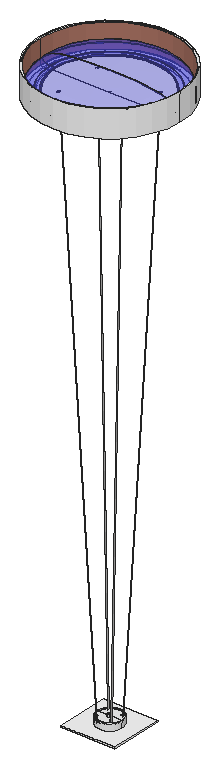
Revit family "BE_50366.6_de_DE", category Leuchten, Revit 2015
Parameters (values of type "BEGA_50366.6_K4")
  built-in parameter 1150104 = 15.506 (stored number, unit not read)
  Wattage = 92.4 W
  Default Elevation = 0 mm
  built-in parameter 1150113 = 1 (stored number, unit not read)
  built-in parameter 1114218 = 1 (stored number, unit not read)
  Umgebungstemperatur = "25 °C"
  URL = "http://www.bega.de/produkt/50366.6"
  Typenkommentare = "© 2017 BEGA. Wir behalten uns das Recht vor, technische Änderungen ohne vorherige Ankündigung vorzunehmen."  # constant formula
  built-in parameter 1150134 = 12
  built-in parameter 1150109 = 1 (stored number, unit not read)
  Strom = ""
  built-in parameter 1150110 = 1 (stored number, unit not read)
  Spannung = 239.996 V
  Sonderanfertigung = no
  Seriennummer [instance] = "Hier können Sie die eindeutige Seriennummer für das Facility Management eintragen."
  Schutzklasse = "I"
  Schutzart = "IP 20"
  Scheinlast = 0 VA
  Produktdatenblatt = "http://www.bega.de/download/Xrfa/db/50366.6.db.de.pdf"
  Oberflächentemperatur = ""
  Neigungswinkel = 0.00°
  Modell = "50366.6K4"
  Material_29 = BEGA_Oberfläche_Kupfer_matt
  Material_17 = BEGA_Reflektor
  Material_15 = BEGA_Leuchtmedium_matt
  Material_14 = BEGA_Kunststoff_opal
  Material_11 = BEGA_Glas_opal
  Material_09 = BEGA_Glas_klar
  Material_06 = BEGA_Oberfläche_Edelstahl_gebürstet
  Material_05 = BEGA_Oberfläche_Aluminium Guss
  Material_03 = BEGA_Oberfläche_Weiss_matt
  Material_02 = BEGA_Oberfläche_Silber_matt
  Material_01 [instance] = BEGA_Oberfläche_Grafit_matt
  M_W = no
  M_G = no
  M_A = no
  Logo = 0
  built-in parameter 1114217 = 1 (stored number, unit not read)
  built-in parameter 1150139 = (empty or 0)
  built-in parameter 1150105 = 1227.2 (stored number, unit not read)
  built-in parameter 1150114 = 1 (stored number, unit not read)
  Lumens = 15421.6 lm
  built-in parameter 1150115 = 1 (stored number, unit not read)
  Leuchtenlichtstrom = "10794 lm"
  Leuchtenanzahl = ""
  Lebensdauerkriterien = "L70B50 @ 25 °C = 500000 h"
  Lastklassifizierung = Beleuchtung
  built-in parameter 1150112 = 1 (stored number, unit not read)
  Lampenlichtstrom = "15420 lm"
  Lampe = "LED 92.4 W"
  LED_Modulbezeichnung = "4x LED-0704/940 "
  Hersteller = "BEGA"  # constant formula
  Halbstreuwinkel = ""
  Gewicht = "28.9 kg"
  Gebrauchslageneinschränkung [instance] = ""
  Frequenz = "0/50-60 Hz"
  Farbwiedergabeindex = "Ra > 90"
  Farbtemperaturverschiebung bei Dämpfen der Lampe = <Keine Auswahl>
  Farbtemperatur = "4000 K"
  Color Filter = 16777215
  built-in parameter 1150133 = 10 (stored number, unit not read)
  Energieeffizienzklasse = "LED A++ - A"
  built-in parameter 1150137 = (empty or 0)
  built-in parameter 1150132 = (empty or 0)
  ENEC = ""
  Dimmbar [instance] = "DALI"
  Datei für fotometrisches Netz = "BE_50366-6K4.IES"
  CE_Konformität = "ja"
  Bestellnummer = "50366.6K4"
  Beschreibung_Sonderanfertigung = "Hier können Sie Informationen zur Sonderanfertigung eintragen."
  Beschreibung = "Flächenpendelleuchte"
  built-in parameter 1150106 = 12.272 (stored number, unit not read)
  Befestigungsbohrung = ""
  Befestigungsabstand = ""
  Ballwurfsicher = ""
  BEGA_Intern_aus = yes
  BEGA_Intern_an = yes
  BEGA_Intern_Konstruktion = yes
  BEGA_Intern = yes
  BEGA_IES = yes
  BEGA_Dummy = no
  Anschlussleitung = ""
  Anschlussleistung [instance] = "102 W"
  Anschlusskasten = ""
  built-in parameter 1150107 = 4000 (stored number, unit not read)
  built-in parameter 1150102 = (empty or 0)
  built-in parameter 1150138 = (empty or 0)
  Aktualisierung = "2017-09-29T04:10:01"
  Abstand_zur_angestrahlten_Fläche [instance] = ""
  AC/DC = "AC/DC"
Types (2, lengths in mm): name | built-in parameter 1150104 | built-in parameter 1150134 | Modell | built-in parameter 1150105 | Lumens | Leuchtenlichtstrom | Lampenlichtstrom | LED_Modulbezeichnung | Farbtemperatur | Datei für fotometrisches Netz | Bestellnummer | built-in parameter 1150106 | built-in parameter 1150107
  BEGA_50366.6_K4 | 15.506 (stored number, unit not read) | 12 | "50366.6K4" | 1227.2 (stored number, unit not read) | 15421.6 lm | "10794 lm" | "15420 lm" | "4x LED-0704/940 " | "4000 K" | "BE_50366-6K4.IES" | "50366.6K4" | 12.272 (stored number, unit not read) | 4000 (stored number, unit not read)
  BEGA_50366.6_K3 | 15.041 (stored number, unit not read) | (empty or 0) | "50366.6" | 1190.4 (stored number, unit not read) | 14959.6 lm | "10472 lm" | "14960 lm" | "4x LED-0704/930 " | "3000 K" | "BE_50366-6.IES" | "50366.6" | 11.904 (stored number, unit not read) | 3000 (stored number, unit not read)
Reference planes
  plane 1 "Mitte (Vorne/Hinten)": y = 0
  plane 2: z = 0
  plane 3 "Mitte (Links/Rechts)": x = 0
  plane 4 "Links": x = -523
  plane 5 "Rechts": x = 523
  plane 6 "Unten": y = -523
  plane 7 "Oben": y = 523
  plane 8 "Vorne": z = 4380.449
  plane 9 "Hinten": z = 0
Forms (mm)
  Extrusion 1, solid, material "BEGA_Platte_Weiss"
    sketch origin (0, -1119.2, 0) x (1, 0, 0) y (0, 1, 0)
      loop
        line (-200, 1319.2) -> (-200, 919.2) -> (200, 919.2) -> (200, 1319.2) -> (-200, 1319.2)
    from 0 to -10
  Extrusion 2, solid, material "BEGA_Dummy_matt", visible <- "BEGA_Dummy"
    sketch origin (77.149, -76.023, 0) x (1, 0, 0) y (0, 1, 0)
      loop
        circle (-77.149, 76.023) r 523
    from 0 to 4380.449
Dimensions and locks
  plane 1 "Mitte (Vorne/Hinten)" to Extrusion 1 = 200 mm
  aligned and locked: plane 2 to Extrusion 1
  aligned and locked: level to Extrusion 1
Nested families
  nested 1: "BE_50366.6" at (0, 0, 0), type "BE_50366.6"
Connectors
  electrical at (0, 0, 0), driven by "Lastklassifizierung", driven by "Spannung", driven by "Scheinlast"
    settings: index 1, voltage 239.996 V, apparent load 0 VA, apparent load phase1 0 VA, apparent load phase2 0 VA, apparent load phase3 0 VA, power factor 1, load classification "Beleuchtung", number of poles 1, system type 31, power factor state 1, is connector primary yes, connector utility no, sub classification motor no, connector description ""
Definition of nested family "BE_50366.6"
  Parameters (values of type "BE_50366.6")
    Default Elevation = 1 mm
    URL = "http://www.bega.de/de/produkt"
    Type Comments = "© 2015 BEGA. Wir behalten uns das Recht vor, technische Änderungen ohne vorherige Ankündigung vorzunehmen. "  # constant formula
    Type Image = (empty or 0)
    Neigungswinkel_um_Z2 = 0.00°
    Neigungswinkel_um_Z1 = 0.00°
    Neigungswinkel_um_Y2 = 0.00°
    Neigungswinkel_um_Y1 = 0.00°
    Neigungswinkel_um_X2 = 0.00°
    Neigungswinkel_um_X1 = 0.00°
    Material_29 = none
    Material_17 = none
    Material_15 = none
    Material_14 = none
    Material_11 = none
    Material_09 = none
    Material_06 = none
    Material_05 = none
    Material_03 = none
    Material_02 = none
    Material_01 = none
    M_W = yes
    M_G = yes
    M_A = yes
    Länge_Platte = 400 mm  # constant formula
    Höhe_Platte = -10 mm  # constant formula
    Manufacturer = "BEGA"  # constant formula
    Drehwinkel_um_Z2 = 0.00°
    Drehwinkel_um_Z1 = 0.00°
    Breite_Platte = 400 mm  # constant formula
  Reference planes
    plane 1 "Mitte (Oben/Unten)": y = 0
    plane 2: z = 0
    plane 3 "Mitte (Links/Rechts)": x = 0
    plane 4: x = -523
    plane 5: x = 523
    plane 6: z = 0
    plane 7: z = 4380.449
    plane 8: y = -523
    plane 9: y = 523
  Forms (mm)
    Extrusion 1, solid, detail levels medium
      sketch origin (0, 0, 0) x (1, 0, 0) y (0, 1, 0)
        loop
          line (-200, 200) -> (-200, -200) -> (200, -200) -> (200, 200) -> (-200, 200)
      from 0 to -10 <- "Höhe_Platte"
    Revolve 2, solid, material <- "Material_03", detail levels medium+fine
      sketch origin (0, 0, 0) x (1, 0, 0) y (0, 0, 1)
        loop
          arc (-91.5, 50) -> (-92.914, 49.414) -> (-93.5, 48) r 2
          line (-93.5, 48) -> (-93.5, 0) -> (-91.5, 0) -> (-91.5, 47)
          arc (-91.5, 47) -> (-91.207, 47.707) -> (-90.5, 48) r 1
          line (-90.5, 48) -> (0, 48) -> (0, 60.25) -> (-13, 60.25) -> (-14, 59.25) -> (-14, 50) -> (-91.5, 50)
        axis (0, 60.25) -> (0, 0)
      angle from 0 to 360
    Extrusion 3, void
      sketch origin (0, 0, 0) x (1, 0, 0) y (0, 1, 0)
        loop
          arc (54.784, -52.663) -> (47.906, -47.906) -> (52.663, -54.784) r 4.25
          line (52.663, -54.784) -> (61.165, -63.286)
          arc (61.165, -63.286) -> (63.289, -63.283) -> (63.281, -61.159) r 1.5
          line (63.281, -61.159) -> (54.784, -52.663)
        loop
          line (54.784, 52.663) -> (63.281, 61.159)
          arc (63.281, 61.159) -> (63.289, 63.283) -> (61.165, 63.286) r 1.5
          line (61.165, 63.286) -> (52.663, 54.784)
          arc (52.663, 54.784) -> (47.906, 47.906) -> (54.784, 52.663) r 4.25
        loop
          line (-54.784, -52.663) -> (-63.281, -61.159)
          arc (-63.281, -61.159) -> (-63.289, -63.283) -> (-61.165, -63.286) r 1.5
          line (-61.165, -63.286) -> (-52.663, -54.784)
          arc (-52.663, -54.784) -> (-47.906, -47.906) -> (-54.784, -52.663) r 4.25
        loop
          arc (-54.784, 52.663) -> (-47.906, 47.906) -> (-52.663, 54.784) r 4.25
          line (-52.663, 54.784) -> (-61.165, 63.286)
          arc (-61.165, 63.286) -> (-63.289, 63.283) -> (-63.281, 61.159) r 1.5
          line (-63.281, 61.159) -> (-54.784, 52.663)
      from 44.935 to 51.04
    Revolve 4, solid, material <- "Material_03", detail levels medium+fine
      sketch origin (0, 0, 0) x (0.707107, -0.707107, 0) y (0, 0, 1)
        loop
          line (53.5, 50) -> (56.4, 50) -> (56.4, 52.002)
          arc (56.4, 52.002) -> (56.254, 52.354) -> (55.902, 52.5) r 0.5
          line (55.902, 52.5) -> (54, 52.5)
          arc (54, 52.5) -> (53.646, 52.353) -> (53.5, 51.999) r 0.5
          line (53.5, 51.999) -> (53.5, 50)
        axis (60, 50) -> (60, 52.5)
      angle from 0 to 360
    Revolve 5, void
      sketch origin (0, 0, 0) x (1, 0, 0) y (0, 0, 1)
        loop
          line (-90.967, 22) -> (-93.748, 22) -> (-93.748, 20) -> (-90.967, 20) -> (-90.967, 22)
        axis (-90.967, 20) -> (-93.748, 20)
      angle from 0 to 360
    Revolve 6, solid, material <- "Material_06", detail levels medium+fine
      sketch origin (-15.442, -14.912, 0.502) x (0.707049, 0.707107, 0.009009) y (-0.012741, 0, 0.999919)
        loop
          line (-235.545, 4199.101) -> (-53.848, 7.642) -> (-53.048, 7.676) -> (-234.746, 4199.135) -> (-235.545, 4199.101)
        axis (-234.746, 4199.135) -> (-53.048, 7.676)
      angle from 0 to 360
    Revolve 7, solid, material <- "Material_06", detail levels medium+fine
      sketch origin (15.442, -14.912, 0.502) x (-0.707049, 0.707107, 0.009009) y (-0.012741, 0, -0.999919)
        loop
          line (-235.498, -4198.021) -> (-234.699, -4198.056) -> (-53.048, -7.676) -> (-53.848, -7.642) -> (-235.498, -4198.021)
        axis (-234.699, -4198.056) -> (-53.048, -7.676)
      angle from 0 to 360
    Revolve 8, solid, material <- "Material_06", detail levels medium+fine
      sketch origin (-15.442, 14.912, 0.502) x (0.707049, -0.707107, 0.009009) y (0.012741, 0, -0.999919)
        loop
          line (-235.55, -4199.214) -> (-234.751, -4199.249) -> (-53.048, -7.676) -> (-53.848, -7.642) -> (-235.55, -4199.214)
        axis (-234.751, -4199.249) -> (-53.048, -7.676)
      angle from 0 to 360
    Revolve 9, solid, material <- "Material_06", detail levels medium+fine
      sketch origin (15.442, 14.912, 0.502) x (-0.707049, -0.707107, 0.009009) y (0.012741, 0, 0.999919)
        loop
          line (-235.497, 4198.002) -> (-53.848, 7.642) -> (-53.048, 7.676) -> (-234.698, 4198.037) -> (-235.497, 4198.002)
        axis (-234.698, 4198.037) -> (-53.048, 7.676)
      angle from 0 to 360
    Revolve 10, solid
      sketch origin (0, 0, 0) x (1, 0, 0) y (0, 0, 1)
        loop
          line (-434.786, 4183.05) -> (-434.786, 4186.05) -> (-514.87, 4186.05) -> (-514.87, 4183.05) -> (-434.786, 4183.05)
        axis (0, 4183.05) -> (0, 4186.05)
      angle from 0 to 360
    Revolve 11, solid, material <- "Material_03", detail levels medium+fine
      sketch origin (0, 0, 0) x (1, 0, 0) y (0, 0, 1)
        loop
          line (-514.87, 4183.05) -> (-434.786, 4183.05) -> (-434.786, 4186.05) -> (-514.87, 4186.05) -> (-514.87, 4183.05)
        loop
          line (-439.786, 4197.249) -> (-439.786, 4195.249) -> (-439.786, 4189.449) -> (-438.471, 4189.449) -> (-438.471, 4195.249) -> (0, 4195.249) -> (0, 4197.249) -> (-439.786, 4197.249)
        axis (0, 4183.05) -> (0, 4197.249)
      angle from 0 to 360
    Revolve 12, solid, material <- "Material_03", detail levels medium+fine
      sketch origin (0, 0, 0) x (1, 0, 0) y (0, 0, 1)
        loop
          line (-523, 4380.449) -> (-523, 4180.449) -> (-519, 4180.449) -> (-519, 4189.449) -> (-489, 4189.449) -> (-489, 4193.449) -> (-519, 4193.449) -> (-519, 4376.949) -> (-514, 4376.949) -> (-514, 4380.449) -> (-523, 4380.449)
        axis (0, 4180.449) -> (0, 4380.449)
      angle from 0 to 360
    Revolve 13, solid, material <- "Material_29", detail levels medium+fine
      sketch origin (0, 0, 0) x (1, 0, 0) y (0, 0, 1)
        loop
          line (-517.5, 4376.949) -> (-519, 4376.949) -> (-519, 4196.949) -> (-517.5, 4196.949) -> (-517.5, 4376.949)
        axis (0, 4196.949) -> (0, 4376.949)
      angle from 0 to 360
    Revolve 14, solid, material <- "Material_14", detail levels medium+fine
      sketch origin (0, 0, 0) x (1, 0, 0) y (0, 0, 1)
        loop
          spline (-0.037, 4344.95) -> (-76.774, 4344.252) -> (-147.86, 4342.163) -> (-213.023, 4338.69) -> (-272.015, 4333.847) -> (-324.609, 4327.653) -> (-370.604, 4320.131) -> (-409.825, 4311.309) -> (-442.122, 4301.222) -> (-467.371, 4289.909) -> (-485.475, 4277.411) -> (-496.365, 4263.778) -> (-500, 4249.061)
          spline (-500, 4249.061) -> (-499.554, 4244.812) -> (-498.221, 4240.618) -> (-496.015, 4236.526) -> (-492.961, 4232.582) -> (-489.093, 4228.828) -> (-484.453, 4225.306) -> (-479.092, 4222.056) -> (-473.07, 4219.112) -> (-466.454, 4216.509) -> (-459.316, 4214.273) -> (-451.735, 4212.43) -> (-443.795, 4211.001)
          arc (-443.795, 4211.001) -> (-441.927, 4211.143) -> (-440.329, 4212.121) r 4
          line (-440.329, 4212.121) -> (-439.095, 4213.354)
          arc (-439.095, 4213.354) -> (-438.445, 4213.794) -> (-437.676, 4213.949) r 2
          line (-437.676, 4213.949) -> (-404.329, 4213.949) -> (-401.442, 4208.949) -> (-396.823, 4208.949) -> (-400.159, 4214.726)
          arc (-400.159, 4214.726) -> (-402.368, 4217.081) -> (-405.477, 4217.95) r 6
          line (-405.477, 4217.95) -> (-437.684, 4217.95)
          arc (-437.684, 4217.95) -> (-439.973, 4217.49) -> (-441.914, 4216.192) r 6
          line (-441.914, 4216.192) -> (-443.157, 4214.95)
          spline (-443.157, 4214.95) -> (-450.871, 4216.337) -> (-458.214, 4218.12) -> (-465.099, 4220.272) -> (-471.441, 4222.767) -> (-477.164, 4225.561) -> (-482.197, 4228.61) -> (-486.476, 4231.864) -> (-489.972, 4235.255) -> (-492.665, 4238.712) -> (-494.545, 4242.175) -> (-495.643, 4245.626) -> (-496, 4249.061)
          spline (-496, 4249.061) -> (-492.806, 4261.955) -> (-482.79, 4274.442) -> (-465.447, 4286.4) -> (-440.728, 4297.474) -> (-408.803, 4307.442) -> (-369.85, 4316.199) -> (-324.058, 4323.691) -> (-271.619, 4329.867) -> (-212.755, 4334.699) -> (-147.696, 4338.166) -> (-76.697, 4340.252) -> (-0.037, 4340.95)
          line (-0.037, 4340.95) -> (-0.037, 4344.95)
        axis (-0.037, 4344.95) -> (-0.037, 4208.949)
      angle from 0 to 360
    Revolve 15, void
      sketch origin (0, 0, 0) x (1, 0, 0) y (0, 0, 1)
        loop
          line (-8, 4197.249) -> (-8, 4194.949) -> (0, 4194.949) -> (0, 4197.249) -> (-8, 4197.249)
        axis (0, 4194.949) -> (0, 4197.249)
      angle from 0 to 360
    Revolve 16, solid, material <- "Material_06", detail levels medium+fine
      sketch origin (0, -180, 0) x (1, 0, 0) y (0, 0, 1)
        loop
          arc (-242.96, 4195.249) -> (-242.064, 4193.483) -> (-240.794, 4191.964) r 8.75
          line (-240.794, 4191.964) -> (-234.76, 4191.964) -> (-234.76, 4195.249) -> (-242.96, 4195.249)
        axis (-234.76, 4191.964) -> (-234.76, 4195.249)
      angle from 0 to 360
    Revolve 17, solid, material <- "Material_06", detail levels medium+fine
      sketch origin (0, -180, 0) x (-1, 0, 0) y (0, 0, -1)
        loop
          line (-242.96, -4195.249) -> (-234.76, -4195.249) -> (-234.76, -4191.964) -> (-240.794, -4191.964)
          arc (-240.794, -4191.964) -> (-242.064, -4193.483) -> (-242.96, -4195.249) r 8.75
        axis (-234.76, -4191.964) -> (-234.76, -4195.249)
      angle from 0 to 360
    Revolve 18, solid, material <- "Material_06", detail levels medium+fine
      sketch origin (0, 180, 0) x (1, 0, 0) y (0, 0, -1)
        loop
          line (-242.96, -4195.249) -> (-234.76, -4195.249) -> (-234.76, -4191.964) -> (-240.794, -4191.964)
          arc (-240.794, -4191.964) -> (-242.064, -4193.483) -> (-242.96, -4195.249) r 8.75
        axis (-234.76, -4191.964) -> (-234.76, -4195.249)
      angle from 0 to 360
    Revolve 19, solid, material <- "Material_06", detail levels medium+fine
      sketch origin (0, 180, 0) x (-1, 0, 0) y (0, 0, 1)
        loop
          arc (-242.96, 4195.249) -> (-242.064, 4193.483) -> (-240.794, 4191.964) r 8.75
          line (-240.794, 4191.964) -> (-234.76, 4191.964) -> (-234.76, 4195.249) -> (-242.96, 4195.249)
        axis (-234.76, 4191.964) -> (-234.76, 4195.249)
      angle from 0 to 360
  Cuts and joins
    Extrusion 3, Revolve 5 cuts Revolve 2
    Revolve 5 cuts Revolve 4
    joined: Revolve 2, Revolve 4
    joined: Revolve 6, Revolve 7, Revolve 8, Revolve 9, Revolve 16, Revolve 17, Revolve 18, Revolve 19
    Revolve 15 cuts Revolve 11
  Dimensions and locks
    equal spacing: Extrusion 1 sketch curve, plane 3 "Mitte (Links/Rechts)", Extrusion 1 sketch curve
    equal spacing: Extrusion 1 sketch curve, plane 1 "Mitte (Oben/Unten)", Extrusion 1 sketch curve
    "Länge_Platte": Extrusion 1 sketch curve to Extrusion 1 sketch curve
    "Breite_Platte": Extrusion 1 sketch curve to Extrusion 1 sketch curve
    aligned and locked: plane 2 to Extrusion 1
    aligned and locked: level to Extrusion 1
  Automatic sketch dimensions
    Revolve 2 sketch curve to level = 0 mm
    Revolve 2 sketch curve to plane 3 "Mitte (Links/Rechts)" = 0 mm  (x2)
    Revolve 2 sketch curve to Revolve 2 sketch curve = 13 mm
    Revolve 2 sketch curve to Revolve 2 sketch curve = 1 mm  (x3)
    Revolve 2 sketch curve to Revolve 2 sketch curve = 0 mm  (x8)
    Revolve 2 sketch curve to Revolve 2 sketch curve = 2 mm  (x4)
    Revolve 2 sketch curve to Revolve 2 sketch curve = 9.25 mm
    Revolve 2 sketch curve to Revolve 2 sketch curve = 12.25 mm
    Revolve 2 sketch curve to Revolve 2 sketch curve = 8 mm
    Extrusion 3 sketch curve to Extrusion 3 sketch curve = 1.055 mm  (x4)
    Extrusion 3 sketch curve to Extrusion 3 sketch curve = 8.497 mm  (x4)
    Extrusion 3 sketch curve to Extrusion 3 sketch curve = 2.121 mm  (x6)
    Extrusion 3 sketch curve to Extrusion 3 sketch curve = 1.751 mm  (x6)
    plane 3 "Mitte (Links/Rechts)" to Extrusion 3 sketch curve = 50.912 mm  (x2)
    Extrusion 3 sketch curve to Extrusion 3 sketch curve = 9.563 mm  (x2)
    Extrusion 3 sketch curve to Extrusion 3 sketch curve = 1.066 mm  (x4)
    Extrusion 3 sketch curve to Extrusion 3 sketch curve = 7.441 mm  (x2)
    Extrusion 3 sketch curve to plane 1 "Mitte (Oben/Unten)" = 50.912 mm  (x2)
    Extrusion 3 sketch curve to Extrusion 3 sketch curve = 1.061 mm  (x4)
    Extrusion 3 sketch curve to Extrusion 3 sketch curve = 0 mm  (x8)
    Revolve 4 sketch curve to Revolve 4 sketch curve = 0.5 mm  (x2)
    Revolve 4 sketch curve to Revolve 4 sketch curve = 1.9 mm
    Revolve 4 sketch curve to Revolve 4 sketch curve = 0.002 mm  (x2)
    Revolve 4 sketch curve to Revolve 4 sketch curve = 2 mm
    Revolve 4 sketch curve to Revolve 4 sketch curve = 0 mm  (x3)
    Revolve 4 sketch curve to Revolve 4 sketch curve = 3.6 mm
    Revolve 4 sketch curve to Revolve 4 sketch curve = 0.693 mm
    Revolve 4 sketch curve to Revolve 4 sketch curve = 3.19 mm
    Revolve 5 sketch curve to Revolve 5 sketch curve = 2.781 mm
    level to Revolve 5 sketch curve = 20 mm
    Revolve 5 sketch curve to Revolve 5 sketch curve = 2 mm
    Revolve 5 sketch curve to Revolve 5 sketch curve = 1.752 mm
    Revolve 5 sketch curve to Revolve 5 sketch curve = 0 mm  (x2)
    Revolve 6 sketch curve to Revolve 6 sketch curve = 0.799 mm  (x2)
    Revolve 6 sketch curve to Revolve 6 sketch curve = 181.697 mm
    Revolve 6 sketch curve to Revolve 6 sketch curve = 4191.459 mm
    Revolve 6 sketch curve to Revolve 6 sketch curve = 0.678 mm
    Revolve 6 sketch curve to Revolve 6 sketch curve = 0.791 mm
    Revolve 6 sketch curve to Revolve 6 sketch curve = 33.873 mm
    Revolve 6 sketch curve to Revolve 6 sketch curve = 15.637 mm
    Revolve 7 sketch curve to Revolve 7 sketch curve = 0.799 mm
    Revolve 7 sketch curve to Revolve 7 sketch curve = 181.651 mm
    Revolve 7 sketch curve to Revolve 7 sketch curve = 4190.379 mm
    Revolve 7 sketch curve to Revolve 7 sketch curve = 0.631 mm
    Revolve 7 sketch curve to Revolve 7 sketch curve = 0.791 mm
    Revolve 7 sketch curve to Revolve 7 sketch curve = 14.557 mm
    Revolve 7 sketch curve to Revolve 7 sketch curve = 18.237 mm
    Revolve 8 sketch curve to Revolve 8 sketch curve = 0.799 mm
    Revolve 8 sketch curve to Revolve 8 sketch curve = 181.702 mm
    Revolve 8 sketch curve to Revolve 8 sketch curve = 4191.573 mm
    Revolve 8 sketch curve to Revolve 8 sketch curve = 0.683 mm
    Revolve 8 sketch curve to Revolve 8 sketch curve = 0.791 mm
    Revolve 8 sketch curve to Revolve 8 sketch curve = 15.75 mm
    Revolve 8 sketch curve to Revolve 8 sketch curve = 18.237 mm
    Revolve 9 sketch curve to Revolve 9 sketch curve = 0.799 mm  (x2)
    Revolve 9 sketch curve to Revolve 9 sketch curve = 181.65 mm
    Revolve 9 sketch curve to Revolve 9 sketch curve = 4190.361 mm
    Revolve 9 sketch curve to Revolve 9 sketch curve = 0.63 mm
    Revolve 9 sketch curve to Revolve 9 sketch curve = 0.791 mm
    Revolve 9 sketch curve to Revolve 9 sketch curve = 32.775 mm
    Revolve 9 sketch curve to Revolve 9 sketch curve = 14.538 mm
    Revolve 10 sketch curve to plane 3 "Mitte (Links/Rechts)" = 0 mm
    Revolve 10 sketch curve to Revolve 10 sketch curve = 80.083 mm
    Revolve 10 sketch curve to Revolve 10 sketch curve = 3 mm
    Revolve 10 sketch curve to Revolve 10 sketch curve = 70 mm
    Revolve 10 sketch curve to Revolve 10 sketch curve = 100 mm
    Revolve 11 sketch curve to plane 3 "Mitte (Links/Rechts)" = 0 mm  (x2)
    Revolve 11 sketch curve to Revolve 11 sketch curve = 3.685 mm
    Revolve 11 sketch curve to Revolve 11 sketch curve = 1.315 mm
    Revolve 11 sketch curve to Revolve 11 sketch curve = 75.083 mm
    Revolve 11 sketch curve to Revolve 11 sketch curve = 3 mm
    Revolve 11 sketch curve to Revolve 11 sketch curve = 3.4 mm
    Revolve 11 sketch curve to Revolve 11 sketch curve = 5.8 mm
    Revolve 11 sketch curve to Revolve 11 sketch curve = 9.2 mm
    Revolve 11 sketch curve to Revolve 11 sketch curve = 2 mm
    Revolve 11 sketch curve to Revolve 11 sketch curve = 142.2 mm
    Revolve 11 sketch curve to Revolve 11 sketch curve = 30.8 mm
    Revolve 12 sketch curve to plane 3 "Mitte (Links/Rechts)" = 0 mm
    Revolve 12 sketch curve to Revolve 12 sketch curve = 25 mm
    Revolve 12 sketch curve to Revolve 12 sketch curve = 30 mm
    Revolve 12 sketch curve to Revolve 12 sketch curve = 5 mm
    Revolve 12 sketch curve to Revolve 12 sketch curve = 4 mm  (x2)
    Revolve 12 sketch curve to Revolve 12 sketch curve = 9 mm
    Revolve 12 sketch curve to Revolve 12 sketch curve = 183.5 mm
    Revolve 12 sketch curve to Revolve 12 sketch curve = 3.5 mm
    Revolve 12 sketch curve to Revolve 12 sketch curve = 105 mm
    Revolve 12 sketch curve to Revolve 12 sketch curve = 49.939 mm
    Revolve 13 sketch curve to plane 3 "Mitte (Links/Rechts)" = 0 mm
    Revolve 13 sketch curve to Revolve 13 sketch curve = 1.5 mm
    Revolve 13 sketch curve to Revolve 13 sketch curve = 180 mm
    Revolve 13 sketch curve to Revolve 13 sketch curve = 55 mm
    Revolve 13 sketch curve to Revolve 13 sketch curve = 95 mm
    Revolve 14 sketch curve to Revolve 14 sketch curve = 52.843 mm
    Revolve 14 sketch curve to Revolve 14 sketch curve = 0 mm  (x12)
    Revolve 14 sketch curve to Revolve 14 sketch curve = 4.061 mm
    Revolve 14 sketch curve to Revolve 14 sketch curve = 1.412 mm
    Revolve 14 sketch curve to Revolve 14 sketch curve = 1.42 mm
    Revolve 14 sketch curve to Revolve 14 sketch curve = 1.424 mm
    Revolve 14 sketch curve to Revolve 14 sketch curve = 32.206 mm
    Revolve 14 sketch curve to Revolve 14 sketch curve = 1.149 mm
    Revolve 14 sketch curve to Revolve 14 sketch curve = 4.035 mm
    Revolve 14 sketch curve to Revolve 14 sketch curve = 4.17 mm
    Revolve 14 sketch curve to Revolve 14 sketch curve = 4.619 mm
    Revolve 14 sketch curve to plane 3 "Mitte (Links/Rechts)" = 0.037 mm
    Revolve 14 sketch curve to Revolve 14 sketch curve = 3 mm
    Revolve 14 sketch curve to Revolve 14 sketch curve = 1.405 mm
    Revolve 14 sketch curve to Revolve 14 sketch curve = 0.777 mm
    Revolve 14 sketch curve to Revolve 14 sketch curve = 1.595 mm
    Revolve 14 sketch curve to Revolve 14 sketch curve = 34.112 mm
    Revolve 14 sketch curve to Revolve 14 sketch curve = 132 mm
    Revolve 14 sketch curve to Revolve 14 sketch curve = 4 mm  (x2)
    Revolve 14 sketch curve to Revolve 14 sketch curve = 0.638 mm
    Revolve 14 sketch curve to Revolve 14 sketch curve = 1.243 mm
    Revolve 14 sketch curve to Revolve 14 sketch curve = 1.233 mm
    Revolve 14 sketch curve to Revolve 14 sketch curve = 13.744 mm
    Revolve 14 sketch curve to Revolve 14 sketch curve = 61.714 mm
    Revolve 14 sketch curve to Revolve 14 sketch curve = 1900.476 mm
    Revolve 14 sketch curve to Revolve 14 sketch curve = 360.53 mm
    Revolve 14 sketch curve to Revolve 14 sketch curve = 3.949 mm
    Revolve 14 sketch curve to Revolve 14 sketch curve = 23.438 mm
    Revolve 15 sketch curve to plane 3 "Mitte (Links/Rechts)" = 0 mm  (x2)
    Revolve 15 sketch curve to Revolve 15 sketch curve = 8 mm
    Revolve 15 sketch curve to Revolve 15 sketch curve = 2.3 mm
    Revolve 15 sketch curve to Revolve 15 sketch curve = 0 mm  (x2)
    Revolve 16 sketch curve to Revolve 16 sketch curve = 2.166 mm
    Revolve 16 sketch curve to Revolve 16 sketch curve = 6.035 mm
    Revolve 16 sketch curve to Revolve 16 sketch curve = 0 mm  (x4)
    Revolve 16 sketch curve to Revolve 16 sketch curve = 3.285 mm
    Revolve 17 sketch curve to Revolve 17 sketch curve = 2.166 mm
    Revolve 17 sketch curve to Revolve 17 sketch curve = 6.035 mm
    Revolve 17 sketch curve to Revolve 17 sketch curve = 0 mm  (x4)
    Revolve 17 sketch curve to Revolve 17 sketch curve = 3.051 mm
    Revolve 18 sketch curve to Revolve 18 sketch curve = 2.166 mm
    Revolve 18 sketch curve to Revolve 18 sketch curve = 6.035 mm
    Revolve 18 sketch curve to Revolve 18 sketch curve = 0 mm  (x4)
    Revolve 18 sketch curve to Revolve 18 sketch curve = 3.051 mm
    Revolve 19 sketch curve to Revolve 19 sketch curve = 2.166 mm
    Revolve 19 sketch curve to Revolve 19 sketch curve = 6.035 mm
    Revolve 19 sketch curve to Revolve 19 sketch curve = 0 mm  (x4)
    Revolve 19 sketch curve to Revolve 19 sketch curve = 3.285 mm
    level to Revolve 2 sketch curve = 47 mm
    level to Revolve 4 sketch curve = 50 mm
    Revolve 10 sketch curve to plane 7 = 197.4 mm
    Revolve 11 sketch curve to plane 7 = 197.4 mm
    Revolve 12 sketch curve to plane 7 = 0 mm
    Revolve 13 sketch curve to plane 7 = 183.5 mm
    Revolve 14 sketch curve to plane 7 = 171.5 mm
    Revolve 15 sketch curve to plane 7 = 185.5 mm
    Revolve 16 sketch curve to plane 7 = 188.485 mm
    Revolve 17 sketch curve to plane 7 = 182.149 mm
    Revolve 18 sketch curve to plane 7 = 182.149 mm
    Revolve 19 sketch curve to plane 7 = 188.485 mm
    plane 1 "Mitte (Oben/Unten)" to Extrusion 3 sketch curve = 50.912 mm  (x2)
    Revolve 2 sketch curve to Revolve 2 sketch curve = 76.5 mm
    Extrusion 3 sketch curve to plane 3 "Mitte (Links/Rechts)" = 50.912 mm  (x2)
    Revolve 5 sketch curve to plane 3 "Mitte (Links/Rechts)" = 93.748 mm
    plane 4 to Revolve 10 sketch curve = 88.214 mm
    plane 4 to Revolve 11 sketch curve = 88.214 mm
    Revolve 12 sketch curve to plane 4 = 0 mm
    plane 4 to Revolve 13 sketch curve = 5.5 mm
    Revolve 16 sketch curve to plane 3 "Mitte (Links/Rechts)" = 242.96 mm
    Revolve 18 sketch curve to plane 3 "Mitte (Links/Rechts)" = 242.96 mm
    plane 4 to Revolve 14 sketch curve = 126.177 mm
    plane 3 "Mitte (Links/Rechts)" to Revolve 17 sketch curve = 242.96 mm
    plane 3 "Mitte (Links/Rechts)" to Revolve 19 sketch curve = 242.96 mm
